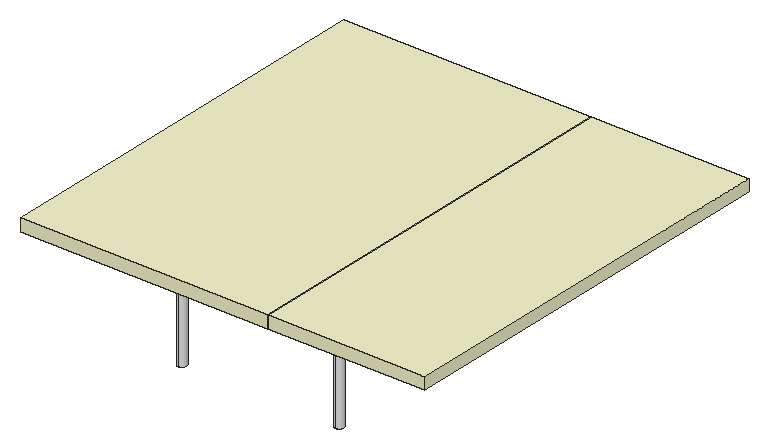
Revit family "Step-LivingDivani", category Furniture, Revit 2013
Parameters (values of type "Step 90")
  distanza = if((Aperto Chiuso), 35 cm, 0 cm)  # 0 cm
  URL = "http://www.livingdivani.it"
  Model = "Step"
  Mat. Vetro = Vetro
  Mat. Tessuto = Linen, Beige
  Mat. Struttura = Steel, Polished
  Manufacturer = "LivingDivani"
  Codice prodotto = "STPV090"
  Aperto Chiuso = no
Types (2, lengths in cm): name | distanza | Aperto Chiuso
  Step 90 | 0 | no
  Step 125 | 35 | yes
Reference planes (cm)
  plane 1 "Centro (Fronte/Retro)": y = 0
  plane 2: z = 0
  plane 3 "Centro (Sinistra/Destra)": x = 0
  plane 4: x = -86
  plane 5: x = 4
  plane 6: x = -58
  plane 7: x = -23
  plane 8: x = -31
  plane 9: x = -31
  plane 10: x = -41
Forms (cm)
  Extrusion 1, solid, material "Linen, Beige" <- "Mat. Tessuto"
    sketch origin (0, 0, 0) x (1, 0, 0) y (0, 1, 0)
      loop
        line (-86, 45) -> (-86, -45) -> (-31, -45) -> (-31, 45) -> (-86, 45)
    from 21.25 to 23.95
  Extrusion 2, solid, material "Linen, Beige" <- "Mat. Tessuto"
    sketch origin (0, 0, 0) x (1, 0, 0) y (0, 1, 0)
      loop
        line (-31, 45) -> (-31, -45) -> (4, -45) -> (4, 45) -> (-31, 45)
    from 21.25 to 23.95
  Revolve 3, solid, material "Steel, Polished" <- "Mat. Struttura"
    sketch origin (-58, 36, 120) x (0, 1, 0) y (0, 0, 1)
      loop
        arc (-70.53, -120) -> (-70.3179, -119.9121) -> (-70.23, -119.7) r 0.3
        line (-70.23, -119.7) -> (-70, -119.7) -> (-70, -98.75) -> (-71, -98.75) -> (-71, -120) -> (-70.53, -120)
      axis (-71, -98.75) -> (-71, -120)
    angle from 0 to 360
  Revolve 4, solid, material "Steel, Polished" <- "Mat. Struttura"
    sketch origin (-58, 106, 120) x (0, 1, 0) y (0, 0, 1)
      loop
        arc (-70.53, -120) -> (-70.3179, -119.9121) -> (-70.23, -119.7) r 0.3
        line (-70.23, -119.7) -> (-70, -119.7) -> (-70, -98.75) -> (-71, -98.75) -> (-71, -120) -> (-70.53, -120)
      axis (-71, -98.75) -> (-71, -120)
    angle from 0 to 360
  Revolve 5, solid, material "Steel, Polished" <- "Mat. Struttura"
    sketch origin (-23, 36, 120) x (0, 1, 0) y (0, 0, 1)
      loop
        arc (-70.53, -120) -> (-70.3179, -119.9121) -> (-70.23, -119.7) r 0.3
        line (-70.23, -119.7) -> (-70, -119.7) -> (-70, -98.75) -> (-71, -98.75) -> (-71, -120) -> (-70.53, -120)
      axis (-71, -98.75) -> (-71, -120)
    angle from 0 to 360
  Revolve 6, solid, material "Steel, Polished" <- "Mat. Struttura"
    sketch origin (-23, 36, 120) x (0, 1, 0) y (0, 0, 1)
      loop
        arc (-0.53, -120) -> (-0.3179, -119.9121) -> (-0.23, -119.7) r 0.3
        line (-0.23, -119.7) -> (0, -119.7) -> (0, -98.75) -> (-1, -98.75) -> (-1, -120) -> (-0.53, -120)
      axis (-1, -98.75) -> (-1, -120)
    angle from 0 to 360
  Extrusion 7, solid, material "Vetro" <- "Mat. Vetro"
    sketch origin (-159.9931, 0, 0) x (1, 0, 0) y (0, 1, 0)
      loop
        line (118.9931, 44.15) -> (118.9931, -44.15) -> (128.9931, -44.15) -> (128.9931, 44.15) -> (118.9931, 44.15)
    from 22 to 23.2
Dimensions and locks (cm)
  plane 4 to plane 5 = 90 cm
  locked: plane 4 to plane 8 at 55
  locked: plane 9 to plane 5 at 35
  "distanza": plane 8 to plane 9
  locked: plane 10 to plane 8 at 10
  locked: plane 6 to plane 8 at 27
  locked: plane 9 to plane 7 at 8
  aligned and locked: level to plane 2
  aligned and locked: Extrusion 1 to plane 4
  aligned and locked: plane 5 to Extrusion 2
  aligned and locked: plane 8 to Extrusion 1
  aligned and locked: plane 9 to Extrusion 2
  aligned and locked: plane 9 to Extrusion 7
  aligned and locked: plane 10 to Extrusion 7 sketch curve
Automatic sketch dimensions
  Extrusion 1 sketch curve to plane 4 = 0 cm
  plane 1 "Centro (Fronte/Retro)" to Extrusion 1 sketch curve = 45 cm
  Extrusion 1 sketch curve to plane 3 "Centro (Sinistra/Destra)" = 31 cm
  Extrusion 1 sketch curve to plane 1 "Centro (Fronte/Retro)" = 45 cm
  Extrusion 2 sketch curve to plane 5 = 0 cm
  Extrusion 2 sketch curve to plane 3 "Centro (Sinistra/Destra)" = 31 cm
  plane 1 "Centro (Fronte/Retro)" to Extrusion 2 sketch curve = 45 cm
  Extrusion 2 sketch curve to plane 1 "Centro (Fronte/Retro)" = 45 cm
  Revolve 3 sketch curve to level = 0 cm  (x2)
  plane 1 "Centro (Fronte/Retro)" to Revolve 3 sketch curve = 35 cm
  level to Revolve 3 sketch curve = 0.3 cm
  Revolve 3 sketch curve to Revolve 3 sketch curve = 0.47 cm
  Revolve 3 sketch curve to Revolve 3 sketch curve = 1 cm
  Revolve 3 sketch curve to Revolve 3 sketch curve = 0 cm  (x2)
  Revolve 3 sketch curve to Revolve 3 sketch curve = 20.95 cm
  Revolve 4 sketch curve to level = 0 cm  (x2)
  Revolve 4 sketch curve to plane 1 "Centro (Fronte/Retro)" = 35 cm
  level to Revolve 4 sketch curve = 0.3 cm
  Revolve 4 sketch curve to Revolve 4 sketch curve = 0.47 cm
  Revolve 4 sketch curve to Revolve 4 sketch curve = 1 cm
  Revolve 4 sketch curve to Revolve 4 sketch curve = 0 cm  (x2)
  Revolve 4 sketch curve to Revolve 4 sketch curve = 20.95 cm
  Revolve 5 sketch curve to level = 0 cm  (x2)
  plane 1 "Centro (Fronte/Retro)" to Revolve 5 sketch curve = 35 cm
  level to Revolve 5 sketch curve = 0.3 cm
  Revolve 5 sketch curve to Revolve 5 sketch curve = 0.47 cm
  Revolve 5 sketch curve to Revolve 5 sketch curve = 1 cm
  Revolve 5 sketch curve to Revolve 5 sketch curve = 0 cm  (x2)
  Revolve 5 sketch curve to Revolve 5 sketch curve = 20.95 cm
  Revolve 6 sketch curve to level = 0 cm  (x2)
  Revolve 6 sketch curve to plane 1 "Centro (Fronte/Retro)" = 35 cm
  level to Revolve 6 sketch curve = 0.3 cm
  Revolve 6 sketch curve to Revolve 6 sketch curve = 0.47 cm
  Revolve 6 sketch curve to Revolve 6 sketch curve = 1 cm
  Revolve 6 sketch curve to Revolve 6 sketch curve = 0 cm  (x2)
  Revolve 6 sketch curve to Revolve 6 sketch curve = 20.95 cm
  Extrusion 7 sketch curve to plane 9 = 0 cm
  plane 1 "Centro (Fronte/Retro)" to Extrusion 7 sketch curve = 44.15 cm
  Extrusion 7 sketch curve to plane 1 "Centro (Fronte/Retro)" = 44.15 cm
